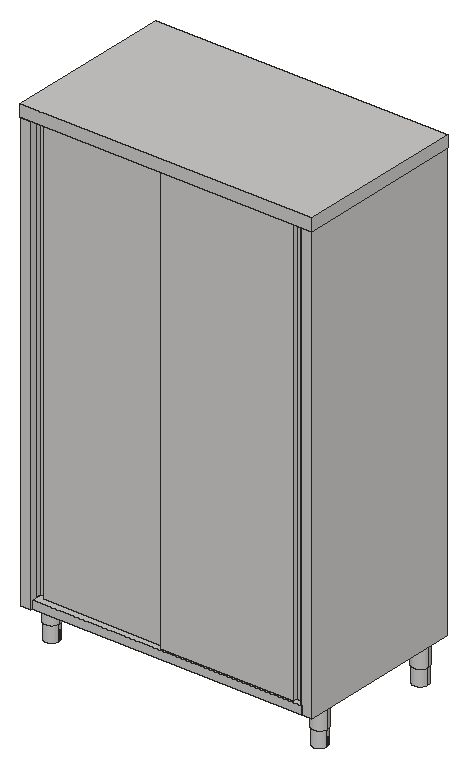
Revit family "QF_ZANUSSI_132889_SASH12N", category Attrezzature speciali, Revit 2020
Family settings
  Quota connettore circolare = Usa diametro
  Tipo di parte = Normale
  Basato su piano di lavoro = No
  Sempre verticale = Sì
  Taglio con vuoti quando caricato = No
  Condiviso = No
  Punto di calcolo locali = No
Parameters (values of type "Standard")
  Weight = 130.00 kg
  Watts = 0 W
  Volts = 0 V
  URL Manufacturer = "http://www.zanussiprofessional.com"
  URL = "http://www.zanussiprofessional.com"
  Steam Supply Size = 0 mm
  Steam Supply Minimum Pressure = 0.0 Pa
  Steam Supply Maximum Pressure = 0.0 Pa
  Steam Consumption per Hour = 0
  Refrigeration Suction Line Size = 0.0 mm
  Refrigeration Liquid Line Size = 0.0 mm
  Refrigerant Compressor Remote = yes
  Prospetto di default = 0.0 mm
  Phase = 0
  Modello = "SASH12N"
  Produttore = "Zanussi"
  Length Actual = 1200.0 mm  # constant formula
  Item Number = "132889"
  Hot Water Size = 0 mm
  Height Actual = 2000.0 mm  # constant formula
  HP = "0 HP"
  Gas Size = 0 mm
  Gas KW = 0
  Gas Input Pressure = 0 W
  Direct Waste Size = 0 mm
  Descrizione = "STORAGE CAB(H=2000)+SLIDING DOORS 1200MM"
  Depth Actual = 700.0 mm  # constant formula
  Cycle = 0 Hz
  Condensate Return Size = 0 mm
  Compressed Air Volume = 0.0 L/s
  Compressed Air Size = 0 mm
  Compressed Air Pressure = 0.0 Pa
  Cold Water Size = 0 mm
  Accessory = yes
Reference planes
  plane 1 "Center (Front/Back)": y = 0
  plane 2: z = 0
  plane 3 "Center (Left/Right)": x = -300
  plane 4 "LEFT": x = -900
  plane 5 "RIGHT": x = 300
  plane 6 "BACK": y = 350
  plane 7 "FRONT": y = -350
  plane 8 "TOP": z = 2000
  plane 9: x = -852
  plane 10: x = 252
  plane 11: y = 270
  plane 12: y = -247
  plane 13 "FEET": z = 150
  plane 14: x = -854.5
  plane 15: y = -344.5
  plane 16: x = 254.5
  plane 17: x = -326.5
  plane 18: x = -273.5
  plane 19 "BaseTop": z = 1950
  plane 20: x = -894.5
  plane 21: x = 294.5
  plane 22: y = 344.5
Forms (mm)
  Extrusion 1, solid, material "QF_Finishes_Stainless Steel"
    sketch origin (0, 0, 150) x (-1, 0, 0) y (0, -1, 0)
      loop
        line (894.5, -350) -> (894.5, 350) -> (854.5, 350) -> (854.5, -350) -> (894.5, -350)
      loop
        line (-254.5, -350) -> (-254.5, 344.5) -> (-294.5, 344.5) -> (-294.5, -350) -> (-254.5, -350)
    from 0 to 1800
  Extrusion 2, solid, material "QF_Finishes_Stainless Steel"
    sketch origin (0, 0, 150) x (-1, 0, 0) y (0, -1, 0)
      loop
        line (854.5, -347) -> (854.5, 344.5) -> (-254.5, 344.5) -> (-254.5, -347) -> (854.5, -347)
    from 0 to 35
  Extrusion 3, solid, material "QF_Finishes_Stainless Steel"
    sketch origin (0, 0, 150) x (-1, 0, 0) y (0, -1, 0)
      loop
        line (-254.5, -350) -> (854.5, -350) -> (854.5, -327) -> (-254.5, -327) -> (-254.5, -350)
    from 1800 to 35
  Extrusion 4, solid, material "QF_Finishes_Stainless Steel"
    sketch origin (0, 0, 1950) x (-1, 0, 0) y (0, -1, 0)
      loop
        line (900, 350) -> (-300, 350) -> (-300, -350) -> (900, -350) -> (900, 350)
    from 0 to 50
  Extrusion 5, solid, material "QF_Finishes_Stainless Steel"
    sketch origin (33, 0, 150) x (-1, 0, 0) y (0, -1, 0)
      loop
        line (306.5, 324.5) -> (306.5, 304.5) -> (885, 304.5) -> (885, 324.5) -> (883, 324.5) -> (883, 309.5) -> (856.034, 309.5) -> (856.034, 324.5) -> (306.5, 324.5)
    from 1800 to 40
  Extrusion 6, solid, material "QF_Finishes_Stainless Steel"
    sketch origin (-633, 0, 150) x (1, 0, 0) y (0, 1, 0)
      loop
        line (306.5, -344.5) -> (856.034, -344.5) -> (856.034, -329.5) -> (883, -329.5) -> (883, -344.5) -> (885, -344.5) -> (885, -324.5) -> (306.5, -324.5) -> (306.5, -344.5)
    from 1800 to 40
Lines and regions (mm)
  symbolic lines, style "SpecialityEquipment"
    curve 1: line (-900, 350, 1950) -> (300, 350, 1950)
    curve 2: line (-900, -350, 1950) -> (-900, 350, 1950)
    curve 3: line (300, -350, 1950) -> (-900, -350, 1950)
    curve 4: line (300, 350, 1950) -> (300, -350, 1950)
  symbolic lines, style "SpecialityEquipmentHiddenLines"
    curve 5: line (-900, -350, 1950) -> (300, 350, 1950)
    curve 6: line (-326.5, -324.5, 200) -> (-326.5, -344.5, 200)
    curve 7: line (-852, -304.5, 1950) -> (-273.5, -304.5, 1950)
    curve 8: line (-273.5, -304.5, 1950) -> (-273.5, -324.5, 1950)
    curve 9: line (-273.5, -324.5, 1950) -> (-852, -324.5, 1950)
    curve 10: line (-852, -324.5, 1950) -> (-852, -304.5, 1950)
    curve 11: line (-326.5, -344.5, 1950) -> (252, -344.5, 1950)
    curve 12: line (252, -344.5, 1950) -> (252, -324.5, 1950)
    curve 13: line (252, -324.5, 1950) -> (-273.5, -324.5, 1950)
Dimensions and locks
  plane 4 "LEFT" to plane 5 "RIGHT" = 1200.0 mm
  equal spacing: plane 4 "LEFT", plane 3 "Center (Left/Right)", plane 5 "RIGHT"
  plane 6 "BACK" to plane 7 "FRONT" = 700.0 mm
  equal spacing: plane 6 "BACK", plane 1 "Center (Front/Back)", plane 7 "FRONT"
  locked: plane 13 "FEET" to level at 150
  locked: plane 4 "LEFT" to plane 9 at 48
  locked: plane 10 to plane 5 "RIGHT" at 48
  locked: plane 6 "BACK" to plane 11 at 80
  locked: plane 12 to plane 7 "FRONT" at 103
  locked: plane 8 "TOP" to level at 2000
  locked: plane 17 to plane 18 at 53
  equal spacing: plane 17, plane 3 "Center (Left/Right)", plane 18
  plane 4 "LEFT" to plane 20 = 5.5 mm
  locked: plane 20 to plane 14 at 40
  locked: plane 16 to plane 21 at 40
  locked: plane 21 to plane 5 "RIGHT" at 5.5
  plane 15 to plane 7 "FRONT" = 5.5 mm  (x2)
  plane 6 "BACK" to plane 22 = 5.5 mm
  locked: plane 8 "TOP" to plane 19 "BaseTop" at 50
  aligned and locked: level to plane 2
  aligned and locked: plane 9 to nested 1
  aligned and locked: plane 10 to nested 2
  aligned and locked: nested 4 to plane 11
  aligned and locked: plane 9 to nested 3
  aligned and locked: nested 3 to plane 11
  aligned and locked: plane 6 "BACK" to Extrusion 1 sketch curve
  aligned and locked: Extrusion 1 sketch curve to plane 6 "BACK"
  aligned and locked: Extrusion 1 sketch curve to plane 7 "FRONT"
  aligned and locked: plane 14 to Extrusion 1
  aligned and locked: Extrusion 2 to plane 14
  aligned and locked: Extrusion 2 to plane 15
  aligned and locked: nested 1 to plane 12
  aligned and locked: nested 2 to plane 12
  aligned and locked: Extrusion 2 sketch curve to plane 16
  aligned and locked: nested 4 to nested 2
  aligned and locked: plane 16 to Extrusion 3
  aligned and locked: Extrusion 3 to plane 14
  aligned and locked: plane 19 "BaseTop" to Extrusion 3
Automatic sketch dimensions
  Extrusion 1 sketch curve to plane 15 = 0.0 mm
  Extrusion 1 sketch curve to plane 21 = 0.0 mm
  Extrusion 1 sketch curve to plane 16 = 0.0 mm
  Extrusion 1 sketch curve to plane 14 = 0.0 mm
  Extrusion 1 sketch curve to plane 20 = 0.0 mm
  Extrusion 2 sketch curve to plane 14 = 0.0 mm
  Extrusion 2 sketch curve to plane 15 = 0.0 mm
  plane 22 to Extrusion 2 sketch curve = 2.5 mm
  curve 6 to plane 15 = 0.0 mm
  curve 6 to plane 17 = 0.0 mm
  plane 15 to curve 6 = 20.0 mm
  Extrusion 3 sketch curve to plane 6 "BACK" = 0.0 mm
  Extrusion 3 sketch curve to plane 16 = 0.0 mm
  Extrusion 3 sketch curve to plane 14 = 0.0 mm
  plane 22 to Extrusion 3 sketch curve = 17.5 mm
  Extrusion 4 sketch curve to plane 5 "RIGHT" = 0.0 mm
  Extrusion 4 sketch curve to plane 4 "LEFT" = 0.0 mm
  Extrusion 4 sketch curve to plane 6 "BACK" = 0.0 mm
  Extrusion 4 sketch curve to plane 7 "FRONT" = 0.0 mm
  Extrusion 5 sketch curve to plane 18 = 0.0 mm
  Extrusion 5 sketch curve to plane 9 = 0.0 mm
  plane 9 to Extrusion 5 sketch curve = 28.966 mm
  plane 9 to Extrusion 5 sketch curve = 2.0 mm
  plane 15 to Extrusion 5 sketch curve = 40.0 mm
  Extrusion 5 sketch curve to Extrusion 5 sketch curve = 5.0 mm
  Extrusion 5 sketch curve to Extrusion 5 sketch curve = 15.0 mm  (x2)
  Extrusion 6 sketch curve to plane 17 = 0.0 mm
  Extrusion 6 sketch curve to plane 15 = 0.0 mm  (x2)
  Extrusion 6 sketch curve to plane 10 = 0.0 mm
  plane 10 to Extrusion 6 sketch curve = 28.966 mm
  Extrusion 6 sketch curve to plane 15 = 15.0 mm
  Extrusion 6 sketch curve to Extrusion 6 sketch curve = 20.0 mm
  Extrusion 6 sketch curve to Extrusion 6 sketch curve = 2.0 mm
  curve 1 to plane 5 "RIGHT" = 0.0 mm
  curve 11 to plane 10 = 0.0 mm
  curve 8 to plane 18 = 0.0 mm
  curve 11 to plane 17 = 0.0 mm
  curve 9 to plane 9 = 0.0 mm
  curve 3 to plane 4 "LEFT" = 0.0 mm
  curve 1 to plane 6 "BACK" = 0.0 mm
  curve 12 to plane 15 = 0.0 mm
  curve 4 to plane 7 "FRONT" = 0.0 mm
  plane 15 to curve 8 = 40.0 mm
  curve 13 to curve 11 = 20.0 mm
Nested families
  nested 1: "FEET_D60-150" at (-852, -247, 0), type "FEET_D60-150"
  nested 2: "FEET_D60-150" at (252, -247, 0), type "FEET_D60-150"
  nested 3: "FEET_D60-150" at (-852, 270, 0), type "FEET_D60-150"
  nested 4: "FEET_D60-150" at (252, 270, 0), type "FEET_D60-150"
Definition of nested family "FEET_D60-150"
  Parameters
    Default Elevation = 0.0 mm
    FEET = 150.0 mm
  Reference planes
    plane 1 "Center (Front/Back)": y = 0
    plane 2: z = 0
    plane 3 "Center (Left/Right)": x = 0
    plane 4: z = 150
  Forms (mm)
    Extrusion 1, solid
      sketch origin (0, 0, 0) x (1, 0, 0) y (0, 1, 0)
        loop
          circle (0, 0) r 28
      from 0 to 67
    Revolve 2, solid
      sketch origin (0, 0, 0) x (1, 0, 0) y (0, 0, 1)
        loop
          line (0, 0) -> (0, 150) -> (-32.939, 150) -> (-32.939, 67) -> (-30, 67) -> (-30, 0) -> (0, 0)
        axis (0, 150) -> (0, 0)
      angle from 0 to 360
  Lines and regions (mm)
    symbolic lines
      curve 1: line (0, -1.503, 0) -> (0, 1.508, 0)
      curve 2: line (1.561, 0, 0) -> (-1.439, 0, 0)
  Dimensions and locks
    "FEET": plane 4 to plane 2
    aligned and locked: level to plane 2
  Automatic sketch dimensions
    plane 1 "Center (Front/Back)" to Extrusion 1 sketch curve = 0.0 mm
    Extrusion 1 sketch curve to plane 3 "Center (Left/Right)" = 0.0 mm
    plane 1 "Center (Front/Back)" to curve 2 = 0.0 mm
    curve 1 to plane 3 "Center (Left/Right)" = 0.0 mm
    curve 2 to plane 3 "Center (Left/Right)" = 1.439 mm
    plane 3 "Center (Left/Right)" to curve 2 = 1.561 mm
    plane 1 "Center (Front/Back)" to curve 1 = 1.503 mm
    curve 1 to plane 1 "Center (Front/Back)" = 1.508 mm
    Revolve 2 sketch curve to plane 4 = 0.0 mm
    Revolve 2 sketch curve to level = 0.0 mm
    Revolve 2 sketch curve to plane 3 "Center (Left/Right)" = 0.0 mm  (x2)
    Revolve 2 sketch curve to plane 3 "Center (Left/Right)" = 30.0 mm
    Revolve 2 sketch curve to plane 3 "Center (Left/Right)" = 32.939 mm
    level to Revolve 2 sketch curve = 67.0 mm
    Revolve 2 sketch curve to level = 42.207 mm
    Revolve 2 sketch curve to Revolve 2 sketch curve = 10.0 mm
    radius of Extrusion 1 sketch curve = 28.0 mm
